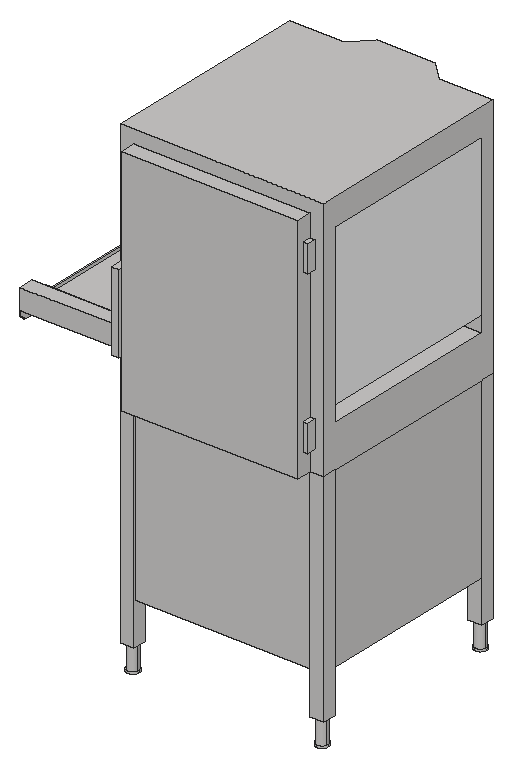
Revit family "QF_ELECTROLUXPROFESSIONAL_510503_RPWMDDL", category Specialty Equipment, Revit 2018
Family settings
  Round Connector Dimension = Use Diameter
  Part Type = Normal
  Work Plane-Based = No
  Always vertical = Yes
  Cut with Voids When Loaded = No
  Shared = No
  Room Calculation Point = No
Parameters
  hood_sx [instance] = yes
  Weight = 0.00 kg
  Watts = 0 W
  Volts = 220 V
  URL Manufacturer = "http://professional.electrolux.com/"
  URL = "http://professional.electrolux.com/"
  Steam Supply Size = 0 mm
  Steam Supply Minimum Pressure = 0.0 Pa
  Steam Supply Maximum Pressure = 0.0 Pa
  Steam Pounds per Hour = 0
  Show Clearance [instance] = yes
  Refrigeration Suction Line Size = 0 mm
  Refrigeration Liquid Line Size = 0 mm
  Refrigerant Compressor Remote = yes
  Manufacturer = "Electrolux"
  Phase = 0
  Model = "RPWMDDL"
  Length Actual = 600 mm  # constant formula
  Item Number = "510503"
  Hot Water Size = 12.7 mm
  Height Actual = 1450 mm  # constant formula
  HP = "1.2 HP"
  Gas Size = 0 mm
  Gas KW = 0
  Gas Input Pressure = 0 W
  Direct Waste Size = 139.7 mm
  Description = "REMOTE PREWASH MODULE, MACHINE DRIVEN RT-RIGHT TO LEFT"
  Depth Actual = 726 mm  # constant formula
  Cycle = 50 Hz
  Condensate Return Size = 0 mm
  Compressed Air Volume = 0.0 L/s
  Compressed Air Size = 0 mm
  Compressed Air Pressure = 0.0 Pa
  Cold Water Size = 12.7 mm
  Accessory = yes
Reference planes
  plane 1 "Center X": y = -53.242
  plane 2: z = 0
  plane 3 "Center Y": x = 883.437
  plane 4 "RIGHT": x = 1183.437
  plane 5 "BACK": y = 313.258
  plane 6 "FRONT": y = -411.742
  plane 7 "TOP": z = 1450
  plane 8: z = 725
  plane 9 "LEFT": x = 283.437
Forms (mm)
  Extrusion 1, solid, material "QF_Finishes_Stainless Steel"
    sketch origin (0, 0, 0) x (1, 0, 0) y (0, 1, 0)
      loop
        line (584.437, 219.258) -> (584.437, -325.742) -> (623.437, -325.742) -> (623.437, -364.742) -> (1143.437, -364.742) -> (1143.437, -325.742) -> (1182.437, -325.742) -> (1182.437, 219.258) -> (1143.437, 219.258) -> (1143.437, 258.258) -> (623.437, 258.258) -> (623.437, 219.258) -> (584.437, 219.258)
    from 201.366 to 725
  Extrusion 2, solid, material "QF_Finishes_Stainless Steel"
    sketch origin (0, 0, 0) x (1, 0, 0) y (0, 1, 0)
      loop
        line (583.437, 259.258) -> (583.437, -365.742) -> (1183.437, -365.742) -> (1183.437, 259.258) -> (583.437, 259.258)
    from 725 to 1450
  Extrusion 3, solid, material "QF_Finishes_Stainless Steel"
    sketch origin (0, 0, 0) x (1, 0, 0) y (0, 1, 0)
      loop
        line (623.437, -365.742) -> (623.437, -411.742) -> (1143.437, -411.742) -> (1143.437, -365.742) -> (623.437, -365.742)
    from 725 to 1410
  Extrusion 4, solid, material "QF_Finishes_Stainless Steel"
    sketch origin (1183.437, -365.742, 0) x (-1, 0, 0) y (0, 0, -1)
      loop
        line (40, -1345.389) -> (40, -1265.389) -> (25, -1265.389) -> (25, -1345.389) -> (40, -1345.389)
      loop
        line (40, -789.611) -> (25, -789.611) -> (25, -869.611) -> (40, -869.611) -> (40, -789.611)
    from 0 to 25.982
  Extrusion 5, solid, material "QF_Finishes_Stainless Steel"
    sketch origin (583.437, 437.565, 4000) x (0, 1, 0) y (0, 0, 1)
      loop
        line (-803.307, -2904.611) -> (-849.307, -2904.611) -> (-849.307, -3139.611) -> (-834.307, -3139.611) -> (-834.307, -2979.611) -> (-803.307, -2979.611) -> (-803.307, -2904.611)
    from 9.482 to 31.615
  Extrusion 6, solid, material "QF_Finishes_Stainless Steel"
    sketch origin (0, 0, 0) x (1, 0, 0) y (0, 1, 0)
      loop
        line (743.437, 259.258) -> (1023.437, 259.258) -> (969.437, 313.258) -> (797.437, 313.258) -> (743.437, 259.258)
    from 725 to 1450
  Extrusion 7, void
    sketch origin (583.437, 239.258, 0) x (0, -1, 0) y (0, 0, -1)
      loop
        line (20, -1370) -> (565, -1370) -> (565, -850) -> (20, -850) -> (20, -1370)
    from 0 to 600
  Extrusion 8, solid, material "QF_Finishes_Trasparent Plastic"
    sketch origin (438.569, -1560.5, 1370) x (-1, 0, 0) y (0, -1, 0)
      loop
        line (-744.868, -1779.758) -> (-742.868, -1779.758) -> (-742.868, -1234.758) -> (-744.868, -1234.758) -> (-744.868, -1779.758)
    from 0 to -471.033
  Extrusion 9, solid, material "QF_Door-Drawer Clearances", visible <- "Show Clearance", detail levels coarse
    sketch origin (0, 0, 0) x (1, 0, 0) y (0, 1, 0)
      loop
        arc (623.437, -411.742) -> (1143.437, -931.742) -> (1663.437, -411.742) r 520
        line (1663.437, -411.742) -> (623.437, -411.742)
    from 725 to 1410
  Extrusion 10, solid, material "QF_Finishes_Stainless Steel"
    sketch origin (0, 0, 0) x (1, 0, 0) y (0, 1, 0)
      loop
        circle (1041.337, 36.258) r 10
    from 173.899 to 201.366
  Extrusion 11, solid, material "QF_Finishes_Stainless Steel"
    sketch origin (-156.9, -246.9, 0) x (1, 0, 0) y (0, 1, 0)
      loop
        circle (1041.337, 36.258) r 10
    from 173.899 to 201.366
  Extrusion 12, solid, material "QF_Finishes_Stainless Steel"
    sketch origin (-306.9, -276.9, 0) x (1, 0, 0) y (0, 1, 0)
      loop
        circle (1041.337, 36.258) r 10
    from 173.899 to 201.366
  Extrusion 13, solid, material "QF_Finishes_Stainless Steel"
    sketch origin (-246.9, -276.9, 0) x (1, 0, 0) y (0, 1, 0)
      loop
        circle (1041.337, 36.258) r 10
    from 173.899 to 201.366
  Extrusion 14, solid, material "QF_Finishes_Stainless Steel"
    sketch origin (733.437, -5.742, 0) x (0, 1, 0) y (0, 0, 1)
      loop
        line (-357.5, 835) -> (-342.5, 820) -> (247.5, 820) -> (262.5, 835) -> (262.5, 910) -> (217.5, 910) -> (217.5, 875) -> (167.5, 875) -> (167.5, 858) -> (-262.5, 858) -> (-262.5, 875) -> (-312.5, 875) -> (-312.5, 910) -> (-357.5, 910) -> (-357.5, 835)
    from -450 to -447.022
  Extrusion 15, solid, material "QF_Finishes_Stainless Steel"
    sketch origin (733.437, -5.742, 0) x (0, 1, 0) y (0, 0, 1)
      loop
        line (-357.5, 850) -> (-312.5, 850) -> (-312.5, 820) -> (217.5, 820) -> (217.5, 850) -> (262.5, 850) -> (262.5, 910) -> (217.5, 910) -> (217.5, 875) -> (167.5, 875) -> (167.5, 850) -> (-262.5, 850) -> (-262.5, 875) -> (-312.5, 875) -> (-312.5, 910) -> (-357.5, 910) -> (-357.5, 850)
    from -447.022 to -150
  Extrusion 16, solid, material "QF_Finishes_Trasparent Plastic"
    sketch origin (1328.306, -1560.5, 1370) x (1, 0, 0) y (0, 1, 0)
      loop
        line (-744.868, 1779.758) -> (-744.868, 1234.758) -> (-742.868, 1234.758) -> (-742.868, 1779.758) -> (-744.868, 1779.758)
    from 0 to -471.033
Cuts and joins
  Extrusion 7 cuts Extrusion 2
  joined: Extrusion 1, Extrusion 2, Extrusion 3, Extrusion 4, Extrusion 5, Extrusion 6, Extrusion 10, Extrusion 11, Extrusion 12, Extrusion 13, Extrusion 14, Extrusion 15
Lines and regions (mm)
  model lines
    curve 1: line (1183.437, -44.492, 898.967) -> (1183.437, -44.492, 1369.026)
    curve 2: line (1183.437, -106.992, 898.967) -> (1183.437, -106.992, 1369.026)
    curve 3: line (1183.437, -169.492, 898.967) -> (1183.437, -169.492, 1369.026)
    curve 4: line (1183.437, -231.992, 898.967) -> (1183.437, -231.992, 1369.026)
    curve 5: line (1183.437, -294.492, 898.967) -> (1183.437, -294.492, 1369.026)
    curve 6: line (1183.437, 18.008, 898.967) -> (1183.437, 18.008, 1369.026)
    curve 7: line (1183.437, 80.508, 898.967) -> (1183.437, 80.508, 1369.026)
    curve 8: line (1183.437, 143.008, 898.967) -> (1183.437, 143.008, 1369.026)
    curve 9: line (1183.437, 188.008, 898.967) -> (1183.437, 188.008, 1369.026)
    curve 35: line (583.437, -44.492, 898.967) -> (583.437, -44.492, 1369.026)
    curve 36: line (583.437, -106.992, 898.967) -> (583.437, -106.992, 1369.026)
    curve 37: line (583.437, -169.492, 898.967) -> (583.437, -169.492, 1369.026)
    curve 38: line (583.437, -231.992, 898.967) -> (583.437, -231.992, 1369.026)
    curve 39: line (583.437, -294.492, 898.967) -> (583.437, -294.492, 1369.026)
    curve 40: line (583.437, 18.008, 898.967) -> (583.437, 18.008, 1369.026)
    curve 41: line (583.437, 80.508, 898.967) -> (583.437, 80.508, 1369.026)
    curve 42: line (583.437, 143.008, 898.967) -> (583.437, 143.008, 1369.026)
    curve 43: line (583.437, 188.008, 898.967) -> (583.437, 188.008, 1369.026)
  symbolic lines
    curve 10: line (583.437, 259.258, 0) -> (1183.437, 259.258, 0)
    curve 11: line (1183.437, -365.742, 0) -> (583.437, -365.742, 0)
    curve 12: line (1183.437, 259.258, 0) -> (1183.437, -365.742, 0)
    curve 13: line (743.437, 259.258, 0) -> (797.437, 313.258, 0)
    curve 14: line (797.437, 313.258, 0) -> (969.437, 313.258, 0)
    curve 15: line (969.437, 313.258, 0) -> (1023.437, 259.258, 0)
    curve 16: line (623.437, -365.742, 0) -> (623.437, -411.742, 0)
    curve 17: line (623.437, -411.742, 0) -> (1143.437, -411.742, 0)
    curve 18: line (1143.437, -411.742, 0) -> (1143.437, -365.742, 0)
    curve 19: line (592.919, -365.742, 0) -> (592.919, -411.742, 0)
    curve 20: line (592.919, -411.742, 0) -> (615.053, -411.742, 0)
    curve 21: line (615.053, -411.742, 0) -> (615.053, -365.742, 0)
    curve 22: line (1143.437, -391.724, 0) -> (1158.437, -391.724, 0)
    curve 23: line (1158.437, -391.724, 0) -> (1158.437, -365.742, 0)
    curve 26: line (1183.437, -48.242, 0) -> (1183.437, -58.242, 0)
    curve 27: line (583.437, -363.242, 0) -> (283.437, -363.242, 0)
    curve 28: line (283.437, -318.242, 0) -> (583.437, -318.242, 0)
    curve 29: line (583.437, 211.758, 0) -> (283.437, 211.758, 0)
    curve 30: line (583.437, 256.758, 0) -> (283.437, 256.758, 0)
    curve 31: line (283.437, 256.758, 0) -> (283.437, -363.242, 0)
    curve 32: line (286.415, 161.758, 0) -> (286.415, -268.242, 0)
    curve 33: line (283.437, 161.758, 0) -> (583.437, 161.758, 0)
    curve 34: line (583.437, -268.242, 0) -> (283.437, -268.242, 0)
    curve 44: line (583.437, 259.258, 0) -> (583.437, -365.742, 0)
    curve 45: line (283.437, -53.242, 0) -> (313.437, -53.242, 0)
    curve 46: line (1183.437, -53.242, 0) -> (1153.437, -53.242, 0)
  symbolic lines, style "QF_Door-Drawer Clearances"
    curve 24: arc (623.437, -411.742, 0) -> (1143.437, -931.742, 0) -> (1663.437, -411.742, 0) r 520
    curve 25: line (1663.437, -411.742, 0) -> (623.437, -411.742, 0)
Dimensions and locks
  plane 5 "BACK" to plane 6 "FRONT" = 725 mm
  plane 3 "Center Y" to plane 4 "RIGHT" = 300 mm
  aligned and locked: level to plane 2
  aligned and locked: plane 7 "TOP" to Extrusion 2
  aligned and locked: Extrusion 10 to Extrusion 1
Nested families
  nested 1: "Foot_40x40" at (603.437, -345.742, 0), type "Foot_40x40"
    with A 725 mm
  nested 2: "Foot_40x40" at (603.437, 239.258, 0), type "Foot_40x40"
    with A 725 mm
  nested 3: "Foot_40x40" at (1163.437, -345.742, 0), type "Foot_40x40"
    with A 725 mm
  nested 4: "Foot_40x40" at (1163.437, 239.258, 0), type "Foot_40x40"
    with A 725 mm
Connectors
  piping at (1041.337, 36.258, 173.899), diameter 20
    settings: on Extrusion 10, index 1, connector inside diameter 609.6 mm, connector length 0 mm, flow factor 0, pipe flow 0.0 L/s, pressure drop 0.0 Pa, fitting loss kfactor 0, connector angle 0.00°, fixture units 0, engagement length 0 mm, angle of deflection 0.00°, flow configuration 1, flow direction 2, fitting loss method 0, system type 16, joint type 0, gender type 0, connector reference index -1, connector utility 0, adjustable connector no, is connector primary yes, connector description "Drain"
  electrical at (884.437, -210.642, 173.899)
    settings: on Extrusion 11, index 2, voltage 0 V, apparent load 0 VA, apparent load phase1 0 VA, apparent load phase2 0 VA, apparent load phase3 0 VA, power factor 1, load classification "Other", number of poles 1, system type 30, power factor state 1, is connector primary yes, connector utility no, sub classification motor no, connector description "Electrical Connection"
  piping at (734.437, -240.642, 173.899), diameter 20
    settings: on Extrusion 12, index 3, connector inside diameter 609.6 mm, connector length 0 mm, flow factor 0, pipe flow 0.0 L/s, pressure drop 0.0 Pa, fitting loss kfactor 0, connector angle 0.00°, fixture units 0, engagement length 0 mm, angle of deflection 0.00°, flow configuration 1, flow direction 1, fitting loss method 0, system type 20, joint type 0, gender type 0, connector reference index -1, connector utility 0, adjustable connector no, is connector primary no, connector description "Cold Water Inlet"
  piping at (794.437, -240.642, 173.899), diameter 20
    settings: on Extrusion 13, index 4, connector inside diameter 609.6 mm, connector length 0 mm, flow factor 0, pipe flow 0.0 L/s, pressure drop 0.0 Pa, fitting loss kfactor 0, connector angle 0.00°, fixture units 0, engagement length 0 mm, angle of deflection 0.00°, flow configuration 1, flow direction 1, fitting loss method 0, system type 19, joint type 0, gender type 0, connector reference index -1, connector utility 0, adjustable connector no, is connector primary no, connector description "Hot Water Inlet"
Definition of nested family "Foot_40x40"
  Parameters
    A [instance] = 850 mm
  Reference planes
    plane 1 "Centro (Fronte/Retro)": y = 0
    plane 2: z = 0
    plane 3 "Centro (Sinistra/Destra)": x = 0
    plane 4: z = 850
  Forms (mm)
    Extrusion 1, solid
      sketch origin (0, 0, 0) x (1, 0, 0) y (0, 1, 0)
        loop
          circle (0, 0) r 18
      from 0 to 5
    Extrusion 2, solid
      sketch origin (0, 0, 5) x (1, 0, 0) y (0, 1, 0)
        loop
          circle (0, 0) r 15
      from 0 to 70
    Extrusion 3, solid
      sketch origin (0, 0, 75) x (1, 0, 0) y (0, 1, 0)
        loop
          line (-20, 20) -> (-20, -20) -> (20, -20) -> (20, 20) -> (-20, 20)
      from 0 to 775
  Dimensions and locks
    "A": plane 4 to plane 2
    aligned and locked: level to plane 2
    aligned and locked: plane 4 to Extrusion 3
    aligned and locked: Extrusion 1 to level
  Automatic sketch dimensions
    plane 1 "Centro (Fronte/Retro)" to Extrusion 1 sketch curve = 0 mm
    Extrusion 1 sketch curve to plane 3 "Centro (Sinistra/Destra)" = 0 mm
    Extrusion 3 sketch curve to Extrusion 3 sketch curve = 40 mm  (x2)
    radius of Extrusion 1 sketch curve = 18 mm
    radius of Extrusion 2 sketch curve to Extrusion 1 = 3 mm
